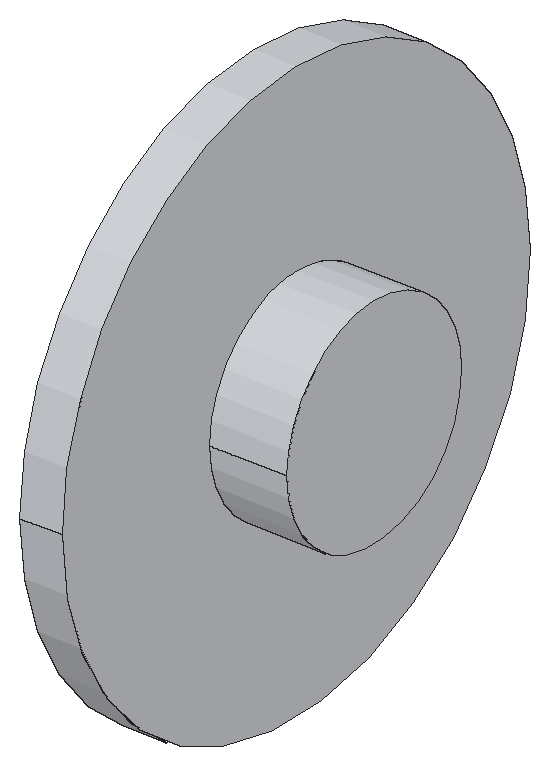
Revit family "Flange - PVC - CW", category Conexões de tubo, Revit 2019
Family settings
  Cota do conector redondo = Usar raio
  Tipo de parte = Flange
  ID de item do Seek = Flange - Threaded - GI - Class 25-0000-CAN-ENU
  Com base no plano de trabalho = Não
  Sempre na vertical = Sim
  Corte com vazios quando carregada = Não
  Compartilhado = Não
Parameters (values of type "Padrão")
  Tamanho da marca de revisão [instance] = Diâmetro externo da flange * 0.4  # 30.00 mm
  Raio nominal [instance] = 10.00 mm
  Diâmetro nominal [instance] = Raio nominal * 2  # 20.00 mm
  Método de perda = Não definido
  Nome da tabela de pesquisa = "BR_Flange - PVC - CW"
  Comprimento [instance] = size_lookup(Nome da tabela de pesquisa, "Lgt", 0.4326 * Diâmetro nominal + 2.70 mm, Diâmetro nominal)  # 15.50 mm
  Raio do pescoço [instance] = Diâmetro do pescoço / 2  # 14.00 mm
  Diâmetro do pescoço [instance] = size_lookup(Nome da tabela de pesquisa, "NDia", 1.2422 * Diâmetro nominal + 2.70 mm, Diâmetro nominal)  # 28.00 mm
  Espessura do flange [instance] = size_lookup(Nome da tabela de pesquisa, "FThk", 0.1197 * Diâmetro nominal + 2.60 mm, Diâmetro nominal)  # 5.50 mm
  Raio externo da flange [instance] = Diâmetro externo da flange / 2  # 37.50 mm
  Diâmetro externo da flange [instance] = size_lookup(Nome da tabela de pesquisa, "FOD", 1.6478 * Diâmetro nominal + 44.90 mm, Diâmetro nominal)  # 75.00 mm
Reference planes
  plane 1 "Centro (Frente/Trás)": y = 0
  plane 2: z = 0
  plane 3 "Centro (Esquerda/Direita)": x = 0
  plane 4: y = 30
  plane 5: y = -30
  plane 6: x = 5.5
  plane 7: x = 15.5
Forms (mm)
  Sweep 1, solid, detail levels fine
    path in 3D
      loop
        line (0, 0, 0) -> (5.5, 0, 0)
    profile origin (2.75, 0, 0) x (0, 1, 0) y (0, 0, 1)
      loop
        circle (0, 0) r 37.5
  Sweep 2, solid, detail levels fine
    path in 3D
      loop
        line (5.5, 0, 0) -> (15.5, 0, 0)
    profile origin (10.5, 0, 0) x (0, 1, 0) y (0, 0, 1)
      loop
        circle (0, 0) r 14
Cuts and joins
  joined: Sweep 1, Sweep 2
Lines and regions (mm)
  model lines, detail levels coarse+medium
    curve 1: line (0, 0, 0) -> (5.5, 0, 0)
    curve 2: line (5.5, 0, 0) -> (15.5, 0, 0)
    curve 5: line (5.5, 30, 0) -> (5.5, -30, 0)
  sketch lines
    curve 3: line (0, 0, 0) -> (5.5, 0, 0)
    curve 4: line (5.5, 0, 0) -> (15.5, 0, 0)
Dimensions and locks
  equal spacing: plane 4, plane 1 "Centro (Frente/Trás)", plane 5
  "Tamanho da marca de revisão": plane 4 to plane 1 "Centro (Frente/Trás)"
  "Espessura do flange": plane 3 "Centro (Esquerda/Direita)" to plane 6
  "Comprimento": plane 3 "Centro (Esquerda/Direita)" to plane 7
  "Raio externo da flange": radius of Sweep 1 sketch curve
  "Raio do pescoço": radius of Sweep 2 sketch curve
  aligned and locked: plane 3 "Centro (Esquerda/Direita)" to curve 1
  aligned and locked: plane 6 to curve 1
  aligned and locked: plane 1 "Centro (Frente/Trás)" to curve 1
  aligned and locked: plane 1 "Centro (Frente/Trás)" to curve 2
  aligned and locked: plane 7 to curve 2
  aligned and locked: plane 4 to curve 5
  aligned and locked: plane 5 to curve 5
  aligned and locked: curve 5 to plane 6
Automatic sketch dimensions
  Sweep 1 sketch curve to profile plane = 0.00 mm  (x2)
  Sweep 2 sketch curve to profile plane = 0.00 mm  (x2)
Connectors
  piping at (0, 0, 0), diameter 20, driven by "Raio nominal"
    settings: on cut or joined group of Sweep 1, Sweep 2, index 1, connector inside diameter 20.00 mm, connector length 0.00 mm, flow factor 0, pipe flow 0.0 L/s, pressure drop 0.0 Pa, fitting loss kfactor 0, connector angle 0.00°, fixture units 0, engagement length 0.00 mm, angle of deflection 0.00°, flow configuration 0, flow direction 0, fitting loss method 0, system type 28, joint type 0, gender type 0, connector reference index 2, connector utility 0, adjustable connector no, is connector primary yes, connector description ""
  piping at (15.5, 0, 0), diameter 20, driven by "Raio nominal"
    settings: on cut or joined group of Sweep 1, Sweep 2, index 2, connector inside diameter 20.00 mm, connector length 0.00 mm, flow factor 0, pipe flow 0.0 L/s, pressure drop 0.0 Pa, fitting loss kfactor 0, connector angle 0.00°, fixture units 0, engagement length 0.00 mm, angle of deflection 0.00°, flow configuration 0, flow direction 0, fitting loss method 0, system type 28, joint type 0, gender type 0, connector reference index 1, connector utility 0, adjustable connector no, is connector primary no, connector description ""
